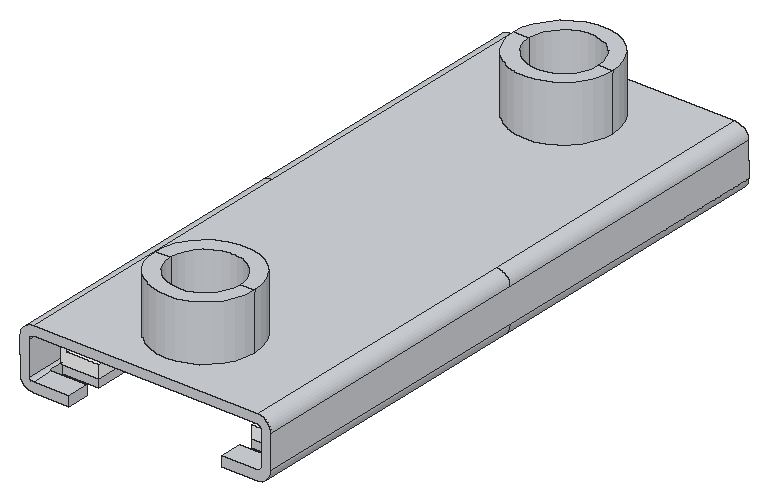
Revit family "Gleiter GL-100, 2xM12-halb Zoll, V4A", category HLS-Bauteile, Revit 2023
Family settings
  Bemaßung runder Anschluss = Durchmesser verwenden
  Teiletyp = Normal
  Arbeitsebenenbasiert = Ja
  Immer vertikal = Nein
  Beim Laden mit Abzugskörper schneiden = Nein
  Beschriftungsausrichtung beibehalten = Nein
  Gemeinsam genutzt = Ja
  Raumberechnungspunkt = Nein
Parameters
  vpe = "1"
  max. Temperaturbeständigkeit = "100 °C"
  max. Schiebeweg axial = "68 mm"
  Default Elevation = 1219.2 mm
  Regelhalter [instance] = ""
  Muffe = Runde Gewindeanschlusse parametrik : A4 Schweißmuffe 1/2´´
  Mengeneinheit = "St"
  Materialname Gleitstreifen = "Polyamid 6"
  Materialname Gleitelement = "V4A"
  Materialname = ""
  Material Gleitstreifen = "Kunststoff"
  Material Gleitelement = "Edelstahl"
  Material = ""
  MD = 3 mm  # constant formula
  Länge = 160 mm
  Lochdurchmesser = "13 mm"
  L2 = 120 mm
  L1 = 80 mm  # constant formula
  Kurztext2 = "Anschluss 2 x 1/2''"
  Kurztext1 = "Gleiter axial GL 100 V4A"
  Haftreibungsfaktor = "0,2 - 0,3"
  H1 = 14.5 mm  # constant formula
  Gleitreibungsfaktor = "0,15 - 0,25"
  Gewinde = "1/2''"
  Gewicht pro Bauteil = Gewicht  # 0.487 kg
  Gewicht = 0.487 kg
  Firma = "MEFA Befestigungs- und Montagesysteme GmbH"
  Fabrikat = "MEFA"
  EAN = "4250928463623"
  Breite = 66 mm
  Bauhöhe = " mm"
  B1 = 57.9 mm  # constant formula
  B = 160 mm  # constant formula
  Ausführung = ""
  Artikelnummer = "0770554"
  Anzahl Anschlüsse = "2"
  Anschluss = "2 x 1/2''"
  AG = 6kt-Mutter parametrik : A2 Mutter M12 (4128112)
Types (3, lengths in mm): name | Muffe | Kurztext2 | Gewinde | Gewicht pro Bauteil | Gewicht | EAN | Artikelnummer | Anschluss
  (no name) | Runde Gewindeanschlusse parametrik : A4 Schweißmuffe 1/2´´ | "Anschluss 2 x 1/2''" | "1/2''" | 0.487 kg | 0.487 kg | "4250928463623" | "0770554" | "2 x 1/2''"
  Gleiter GL 100, 2x M12, V4A | 6kt-Mutter parametrik : A2 Mutter M12 (4128112) | "Anschluss 2 x M12" | "M12" | 0.453 kg | 0.453 kg | "4250928463616" | "0770553" | "2 x M12"
  Gleiter GL 100, 2x 1/2", V4A | Runde Gewindeanschlusse parametrik : A4 Schweißmuffe 1/2´´ | "Anschluss 2 x 1/2''" | "1/2''" | 0.487 kg | 0.487 kg | "4250928463623" | "0770554" | "2 x 1/2''"
Reference planes
  plane 1 "Mitte (Vorne/hinten)": y = 0
  plane 2: z = 0
  plane 3 "Mitte (Links/rechts)": x = 0
  plane 4: z = 1.5
  plane 5: x = -23
  plane 6: x = 23
  plane 7: x = -23.5
  plane 8: x = 23.5
  plane 9: y = 30
  plane 10: y = -30
  plane 11: x = 28.926
  plane 12: x = -28.974
  plane 13: z = 14.5
  plane 14: y = 40
  plane 15: y = -40
  plane 16: z = 21.151
  plane 17: y = 80
  plane 18: y = -80
  plane 19: z = 21.151
  plane 20: y = 60
  plane 21: y = -60
Forms (mm)
  Sweep 1, solid
    path origin (0, 0, 0) x (1, 0, 0) y (0, 0, 1)
      loop
        line (28.926, 13.105) -> (18.379, 13.105)
        arc (18.379, 13.105) -> (16.611, 12.373) -> (15.879, 10.605) r 2.5
        line (15.879, 10.605) -> (15.879, 5)
        arc (15.879, 5) -> (14.853, 2.525) -> (12.379, 1.5) r 3.5
        line (12.379, 1.5) -> (0, 1.5) -> (-12.379, 1.5)
        arc (-12.379, 1.5) -> (-14.853, 2.525) -> (-15.879, 5) r 3.5
        line (-15.879, 5) -> (-15.879, 10.605)
        arc (-15.879, 10.605) -> (-16.611, 12.373) -> (-18.379, 13.105) r 2.5
        line (-18.379, 13.105) -> (-28.974, 13.105)
    profile origin (-6.189, 0, 1.5) x (0, 0, -1) y (0, -1, 0)
      loop
        line (1.5, 0) -> (1.5, 40) -> (-1.5, 40) -> (-1.5, 0) -> (-1.5, -40) -> (1.5, -40) -> (1.5, 0)
  Extrusion 2, void
    sketch origin (0, 0, 0) x (1, 0, 0) y (0, 1, 0)
      loop
        circle (-23, 0) r 2.529
      loop
        circle (23, 0) r 2.529
    from -50 to 50
  Extrusion 3, void
    sketch origin (0, 0, 0) x (1, 0, 0) y (0, 1, 0)
      loop
        line (-23.5, 30) -> (-30.563, 30) -> (-30.563, 25) -> (-23.5, 25) -> (-23.5, 30)
      loop
        line (23.5, 30) -> (23.5, 25) -> (30.514, 25) -> (30.514, 30) -> (23.5, 30)
      loop
        line (-23.5, -30) -> (-23.5, -25) -> (-30.563, -25) -> (-30.563, -30) -> (-23.5, -30)
      loop
        line (23.5, -30) -> (30.514, -30) -> (30.514, -25) -> (23.5, -25) -> (23.5, -30)
    from -50 to 50
  Extrusion 4, void
    sketch origin (0, 0, 0) x (1, 0, 0) y (0, 1, 0)
      loop
        circle (0, 0) r 6.47
    from 0 to 250
  Extrusion 5, solid, material "Polyamid"
    sketch origin (0, 0, 0) x (1, 0, 0) y (0, 0, 1)
      loop
        line (20.471, 14.5) -> (29.043, 14.5) -> (29.043, 10.861) -> (20.538, 10.861) -> (20.538, 7.349) -> (30.061, 7.349) -> (31.061, 8.349) -> (31.061, 16.617) -> (30.061, 18.349) -> (20.471, 18.349) -> (20.471, 14.5)
      loop
        line (-20.471, 14.5) -> (-20.471, 18.651) -> (-30.11, 18.651) -> (-31.11, 16.617) -> (-31.11, 8.349) -> (-30.11, 7.349) -> (-20.538, 7.349) -> (-20.538, 10.861) -> (-29.092, 10.861) -> (-29.092, 14.5) -> (-20.471, 14.5)
    from -70 to 70
Cuts and joins
  Extrusion 2, Extrusion 3, Extrusion 4 cuts Sweep 1
Lines and regions (mm)
  model lines
    curve 1: line (0, 60, 54.526) -> (0, 60, 29.526)
    curve 2: line (0, -60, 54.526) -> (0, -60, 29.526)
Dimensions and locks
  "B1": plane 12 to plane 11
  "H1": level to plane 13
  "MD": Sweep 1 sketch curve to Sweep 1 sketch curve
  "L1": plane 14 to plane 15
  equal spacing: plane 14, plane 1 "Mitte (Vorne/hinten)", plane 15, locked at 40 each
  equal spacing: plane 17, plane 1 "Mitte (Vorne/hinten)", plane 18, locked at 80 each
  "B": plane 17 to plane 18
  level to plane 19 = 21.151 mm
  "L2": plane 20 to plane 21
  equal spacing: plane 20, plane 1 "Mitte (Vorne/hinten)", plane 21, locked at 60 each
  aligned and locked: level to plane 2
  aligned and locked: plane 4 to Sweep 1 sketch curve
  aligned and locked: plane 12 to cut or joined group of Sweep 1, Extrusion 2, Extrusion 3, Extrusion 4
  aligned and locked: plane 13 to cut or joined group of Sweep 1, Extrusion 2, Extrusion 3, Extrusion 4  (x3)
  aligned and locked: plane 15 to cut or joined group of Sweep 1, Extrusion 2, Extrusion 3, Extrusion 4
  aligned and locked: cut or joined group of Sweep 1, Extrusion 2, Extrusion 3, Extrusion 4 to plane 14
  aligned and locked: cut or joined group of Sweep 1, Extrusion 2, Extrusion 3, Extrusion 4 to plane 15
  aligned and locked: plane 16 to nested 1  (x2)
  aligned and locked: nested 1 to plane 3 "Mitte (Links/rechts)"
  aligned and locked: nested 1 to plane 1 "Mitte (Vorne/hinten)"
  aligned and locked: plane 17 to nested 1
  aligned and locked: plane 18 to nested 1  (x2)
  aligned and locked: nested 1 to plane 17
  aligned and locked: cut or joined group of Sweep 1, Extrusion 2, Extrusion 3, Extrusion 4 to level
  aligned and locked: Extrusion 5 to plane 13  (x2)
  aligned and locked: nested 1 to Extrusion 5  (x2)
  aligned and locked: Extrusion 5 to nested 1  (x2)
  aligned and locked: plane 1 "Mitte (Vorne/hinten)" to cut or joined group of Sweep 1, Extrusion 2, Extrusion 3, Extrusion 4  (x2)
  aligned and locked: Sweep 1 sketch curve to level
  aligned and locked: plane 1 "Mitte (Vorne/hinten)" to Sweep 1 sketch curve
  aligned and locked: Sweep 1 sketch curve to plane 14
  aligned and locked: plane 15 to Sweep 1 sketch curve
  aligned and locked: plane 20 to nested 2
  aligned and locked: nested 3 to plane 21
  aligned and locked: plane 3 "Mitte (Links/rechts)" to nested 2
  aligned and locked: plane 3 "Mitte (Links/rechts)" to nested 3
  aligned and locked: curve 1 to plane 20
  aligned and locked: plane 21 to curve 2
  aligned and locked: plane 3 "Mitte (Links/rechts)" to curve 1
  aligned and locked: plane 3 "Mitte (Links/rechts)" to curve 2
Automatic sketch dimensions
  plane 12 to Sweep 1 sketch curve = 0 mm
  Sweep 1 sketch curve to plane 3 "Mitte (Links/rechts)" = 0 mm
  plane 11 to Sweep 1 sketch curve = 0 mm
  plane 5 to Sweep 1 sketch curve = 4.621 mm
  Sweep 1 sketch curve to Sweep 1 sketch curve = 2.5 mm  (x2)
  Sweep 1 sketch curve to Sweep 1 sketch curve = 3.5 mm
  plane 6 to Sweep 1 sketch curve = 10.621 mm
  plane 4 to Sweep 1 sketch curve = 3.5 mm
  Sweep 1 sketch curve to Sweep 1 sketch curve = 5.605 mm  (x2)
  plane 1 "Mitte (Vorne/hinten)" to Extrusion 2 sketch curve = 0 mm  (x2)
  Extrusion 2 sketch curve to plane 5 = 0 mm
  Extrusion 2 sketch curve to plane 6 = 0 mm
  plane 10 to Extrusion 3 sketch curve = 0 mm  (x2)
  Extrusion 3 sketch curve to plane 9 = 0 mm  (x2)
  Extrusion 3 sketch curve to plane 7 = 0 mm  (x2)
  Extrusion 3 sketch curve to plane 8 = 0 mm  (x2)
  plane 12 to Extrusion 3 sketch curve = 1.589 mm  (x2)
  Extrusion 3 sketch curve to plane 11 = 1.589 mm  (x2)
  Extrusion 3 sketch curve to plane 10 = 5 mm  (x2)
  Extrusion 3 sketch curve to plane 9 = 5 mm  (x2)
  plane 1 "Mitte (Vorne/hinten)" to Extrusion 4 sketch curve = 0 mm
  Extrusion 4 sketch curve to plane 3 "Mitte (Links/rechts)" = 0 mm
  plane 12 to Extrusion 5 sketch curve = 2.135 mm
  plane 12 to Extrusion 5 sketch curve = 1.135 mm  (x2)
  plane 12 to Extrusion 5 sketch curve = 0.118 mm
  plane 5 to Extrusion 5 sketch curve = 2.462 mm
  Extrusion 5 sketch curve to plane 13 = 0 mm  (x2)
  plane 5 to Extrusion 5 sketch curve = 2.529 mm
  plane 6 to Extrusion 5 sketch curve = 2.529 mm
  plane 6 to Extrusion 5 sketch curve = 2.462 mm
  Extrusion 5 sketch curve to plane 11 = 0.118 mm
  Extrusion 5 sketch curve to plane 11 = 1.135 mm  (x2)
  Extrusion 5 sketch curve to Extrusion 5 sketch curve = 1 mm  (x2)
  Extrusion 5 sketch curve to plane 13 = 3.639 mm  (x2)
  Extrusion 5 sketch curve to Extrusion 5 sketch curve = 2.511 mm  (x2)
  Extrusion 5 sketch curve to Extrusion 5 sketch curve = 3.511 mm
  plane 13 to Extrusion 5 sketch curve = 2.117 mm  (x2)
  Extrusion 5 sketch curve to plane 16 = 2.5 mm
  Extrusion 5 sketch curve to Extrusion 5 sketch curve = 1.732 mm
  plane 16 to curve 1 = 8.376 mm
  plane 16 to curve 2 = 8.376 mm
  curve 2 to curve 2 = 25 mm
  curve 1 to curve 1 = 25 mm
  Sweep 1 sketch curve to plane 1 "Mitte (Vorne/hinten)" = 0 mm
  radius of Extrusion 2 sketch curve = 2.529 mm  (x2)
  radius of Extrusion 4 sketch curve = 6.47 mm
Nested families
  nested 1: "Gleitschiene GL-100" at (0, 0, 6.401) x (-1, 0, 0) z (0, 0, 1), type "Gleitschiene GL-100"
  nested 2: "Runde Gewindeanschlusse parametrik" at (0, 60, 21.151), type <- "Muffe", type "A4 Schweißmuffe 1/2´´"
  nested 3: "Runde Gewindeanschlusse parametrik" at (0, -60, 21.151), type <- "Muffe", type "A4 Schweißmuffe 1/2´´"
Definition of nested family "Gleitschiene GL-100"
  Parameters (values of type "Gleitschiene GL-100")
    Default Elevation = 1219.2 mm
    Regelhalter [instance] = ""
    Firma = "MEFA Befestigungs- und Montagesysteme GmbH"
    C = 64.5 mm
    B = 160 mm
  Reference planes
    plane 1 "Mitte (Vorne/hinten)": y = 0
    plane 2: z = 0
    plane 3 "Mitte (Links/rechts)": x = 0
    plane 4: y = 80
    plane 5: y = -80
    plane 6: y = 74
    plane 7: x = 32.25
    plane 8: x = -32.25
  Forms (mm)
    Sweep 1, solid
      path origin (0, 0, 0) x (1, 0, 0) y (0, 0, 1)
        loop
          line (-20.538, 0) -> (-30.061, 0)
          arc (-30.061, 0) -> (-31.652, 0.659) -> (-32.311, 2.25) r 2.25
          line (-32.311, 2.25) -> (-32.311, 11.25)
          arc (-32.311, 11.25) -> (-31.652, 12.841) -> (-30.061, 13.5) r 2.25
          line (-30.061, 13.5) -> (30.061, 13.5)
          arc (30.061, 13.5) -> (31.652, 12.841) -> (32.311, 11.25) r 2.25
          line (32.311, 11.25) -> (32.311, 2.25)
          arc (32.311, 2.25) -> (31.652, 0.659) -> (30.061, 0) r 2.25
          line (30.061, 0) -> (20.538, 0)
      profile origin (-25.3, 0, 0) x (0, 0, -1) y (0, -1, 0)
        loop
          line (1.25, 0) -> (1.25, 80) -> (-1.25, 80) -> (-1.25, -80) -> (1.25, -80) -> (1.25, 0)
    Extrusion 2, void
      sketch origin (0, 0, 0) x (1, 0, 0) y (0, 1, 0)
        loop
          line (-19.162, 74) -> (-30.538, 74) -> (-30.538, 70) -> (-19.162, 70) -> (-19.162, 74)
        loop
          line (19.162, 74) -> (19.162, 70) -> (30.538, 70) -> (30.538, 74) -> (19.162, 74)
        loop
          line (-19.162, -74) -> (-19.162, -70) -> (-30.538, -70) -> (-30.538, -74) -> (-19.162, -74)
        loop
          line (19.162, -74) -> (30.538, -74) -> (30.538, -70) -> (19.162, -70) -> (19.162, -74)
      from -10 to 10
  Cuts and joins
    Extrusion 2 cuts Sweep 1
  Dimensions and locks
    equal spacing: plane 4, plane 1 "Mitte (Vorne/hinten)", plane 5, locked at 80 each
    "B": plane 4 to plane 5
    equal spacing: plane 8, plane 3 "Mitte (Links/rechts)", plane 7
    "C": plane 8 to plane 7
    equal spacing: Sweep 1 sketch curve, plane 3 "Mitte (Links/rechts)", Sweep 1 sketch curve
    aligned and locked: level to plane 2
    aligned and locked: plane 5 to Sweep 1
    aligned and locked: Sweep 1 to plane 4
    aligned and locked: Sweep 1 to plane 5
  Automatic sketch dimensions
    Sweep 1 sketch curve to plane 1 "Mitte (Vorne/hinten)" = 0 mm
    profile plane to Sweep 1 sketch curve = 1.25 mm
    Sweep 1 sketch curve to profile plane = 1.25 mm
    Sweep 1 sketch curve to plane 1 "Mitte (Vorne/hinten)" = 80 mm
    plane 1 "Mitte (Vorne/hinten)" to Sweep 1 sketch curve = 80 mm
    Extrusion 2 sketch curve to plane 6 = 0 mm  (x2)
    Extrusion 2 sketch curve to plane 5 = 6 mm  (x2)
    Extrusion 2 sketch curve to plane 3 "Mitte (Links/rechts)" = 30.538 mm  (x2)
    Extrusion 2 sketch curve to Extrusion 2 sketch curve = 11.376 mm  (x4)
    Extrusion 2 sketch curve to plane 6 = 4 mm  (x2)
    plane 3 "Mitte (Links/rechts)" to Extrusion 2 sketch curve = 19.162 mm  (x2)
    Extrusion 2 sketch curve to Extrusion 2 sketch curve = 4 mm  (x2)
    Sweep 1 sketch curve to level = 0 mm  (x2)
    plane 8 to Sweep 1 sketch curve = 0.061 mm
    Sweep 1 sketch curve to plane 8 = 2.189 mm  (x2)
    plane 7 to Sweep 1 sketch curve = 2.189 mm  (x2)
    Sweep 1 sketch curve to plane 7 = 0.061 mm
    Sweep 1 sketch curve to Sweep 1 sketch curve = 9 mm
    Sweep 1 sketch curve to Sweep 1 sketch curve = 9.522 mm
Definition of nested family "Runde Gewindeanschlusse parametrik"
  Parameters (values of type "A4 Schweißmuffe 1/2´´")
    Default Elevation = 0 mm
    Regelhalter [instance] = ""
    Radius = 13.3 mm
    Lochung = 18.7 mm
    Höhe = 15 mm
    Firma = "MEFA Befestigungs- und Montagesysteme GmbH"
  Reference planes
    plane 1 "Mitte (Vorne/hinten)": y = 0
    plane 2: z = 0
    plane 3 "Mitte (Links/rechts)": x = 0
  Forms (mm)
    Revolve 1, solid
      sketch origin (0, 0, 0) x (1, 0, 0) y (0, 0, 1)
        loop
          line (0, 0) -> (13.3, 0) -> (13.3, 15) -> (0, 15) -> (0, 0)
        axis (0, 15) -> (0, 0)
      angle from 0 to 360
    Extrusion 2, void
      sketch origin (0, 0, 0) x (1, 0, 0) y (0, 1, 0)
        loop
          circle (0.118, 0) r 9.35
      from 0 to 15
  Cuts and joins
    Extrusion 2 cuts Revolve 1
  Dimensions and locks
    "Radius": Revolve 1 sketch curve to Revolve 1 sketch curve
    "Höhe": Revolve 1 sketch curve to Revolve 1 sketch curve
    "Lochung": diameter of Extrusion 2 sketch curve
    aligned and locked: level to plane 2
    aligned and locked: level to Revolve 1
    aligned and locked: Revolve 1 to Extrusion 2
  Automatic sketch dimensions
    Revolve 1 sketch curve to level = 0 mm
    Revolve 1 sketch curve to plane 3 "Mitte (Links/rechts)" = 0 mm  (x2)
    Revolve 1 sketch curve to Revolve 1 sketch curve = 300 mm
    Revolve 1 sketch curve to Revolve 1 sketch curve = 240 mm
    plane 1 "Mitte (Vorne/hinten)" to Extrusion 2 sketch curve = 0 mm
    plane 3 "Mitte (Links/rechts)" to Extrusion 2 sketch curve = 0.118 mm
